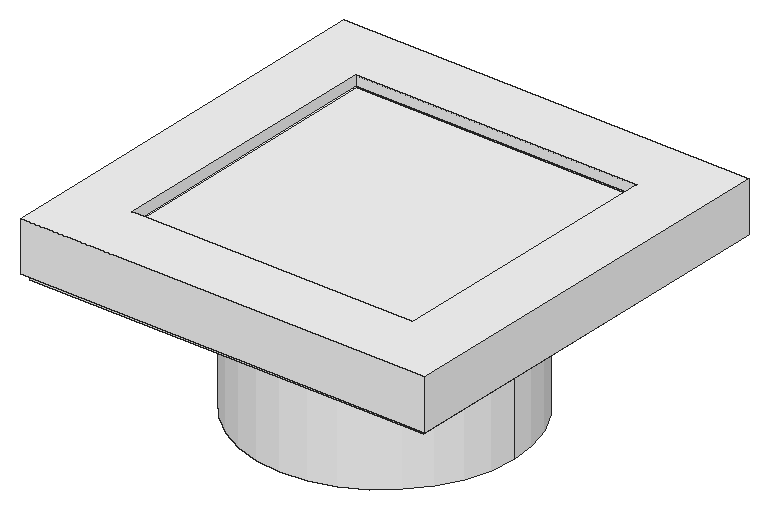
Revit family "Gira_013626", category Electrical Fixtures, host Face, Revit 2017
Family settings
  Host = Face
  Maintain Annotation Orientation = Yes
  Round Connector Dimension = Use Diameter
  Part Type = Normal
  Cut with Voids When Loaded = No
  Shared = No
  Room Calculation Point = No
Parameters (values of type "Tast-Kontroll AusWe System 55 F Alu")
  Zusammenstellung = "Basiselement mit zentraler Abdeckplatte"
  White [instance] = White
  Werkstoffgüte = "sonstige"
  Werkstoff = "sonstige"
  Waschmaschinenschalter = "No"
  URL = "http://katalog.gira.de/de_DE/datenblatt.html?artikelnr=013626"
  Textfeld/Beschriftungsfläche = "nein"
  Tastschalter = "Yes"
  Schaltungsart = "Wechselschalter"
  Rückmeldekontakt = "No"
  Region = "DE"
  Oberfläche = "sonstige"
  Nennspannung = "250 Volt"
  Name = "Tast-Kontroll AusWe System 55 F Alu"
  Montageart = "unter Putz"
  Model = "Sys55_Komplettgerät_Schalten und Tasten"
  Mit Montageplatte = "No"
  Manufacturer URL = "https://www.gira.de/"
  HeinzeBIM = "https://bimportal.heinze.de/bim/tast-kontroll-auswe-system-55-f-alu/a0f88b8bf0dd33dd4dd96b1504ea8d175e4466a9"
  Halogenfrei = "No"
  HAN = "013626"
  Geeignet für Schutzart (IP) = "IP20"
  GTIN = "4010337136262"
  Farbe = "aluminium"
  Default Elevation = 1219.2 mm
  Data sheet (1) = "https://katalog.gira.de/de_DE/download.html?artikelnr=013626"
  Category = "Installationsschalter"
  Bemessungsstrom = "10 Ampere"
  Beleuchtungsfunktion = "beleuchtet wenn eingeschaltet"
  Beleuchtungsart = "Glimmlampe"
  Beleuchtung = "ja"
  Befestigungsart = "Krallen-/Schraubbefestigung"
  Bedienungsart = "Wippe/Taste"
  Available = "Yes"
  Anzahl der Module (bei Modulbauweise) = "1 "
  Anzahl der Betätigungswippen = "1 "
  Anschlussart = "Steckklemme"
Reference planes
  plane 1 "Center (Front/Back)": y = 0
  plane 2: z = 0
  plane 3 "Center (Left/Right)": x = 0
Forms (mm)
  Extrusion 1, solid, material "White" <- "White", detail levels medium
    sketch origin (0, 0, 0) x (1, 0, 0) y (0, 1, 0)
      loop
        line (-40.4, 40.4) -> (-40.4, -40.4) -> (40.4, -40.4) -> (40.4, 40.4) -> (-40.4, 40.4)
      loop
        line (-28, 28) -> (-28, -28) -> (28, -28) -> (28, 28) -> (-28, 28)
    from 0 to 10
  Extrusion 2, solid, material "White" <- "White", detail levels fine
    sketch origin (0, 0, 0) x (1, 0, 0) y (0, 1, 0)
      loop
        line (-40.4, 40.4) -> (-40.4, -40.4) -> (40.4, -40.4) -> (40.4, 40.4) -> (-40.4, 40.4)
      loop
        line (-28, 28) -> (-28, -28) -> (28, -28) -> (28, 28) -> (-28, 28)
    from 0 to 10
  Extrusion 3, void
    sketch origin (0, 0, 0) x (1, 0, 0) y (0, 1, 0)
      loop
        line (-38.4, 38.4) -> (-38.4, -38.4) -> (38.4, -38.4) -> (38.4, 38.4) -> (-38.4, 38.4)
    from 0 to 8
  Extrusion 4, solid, material "White" <- "White", detail levels medium+fine
    sketch origin (0, 0, 0) x (1, 0, 0) y (0, 1, 0)
      loop
        line (-39.4, 39.4) -> (-39.4, -39.4) -> (39.4, -39.4) -> (39.4, 39.4) -> (-39.4, 39.4)
    from 0 to -1
  Extrusion 5, solid, material "White" <- "White", detail levels medium+fine
    sketch origin (0, 0, 0) x (1, 0, 0) y (0, 1, 0)
      loop
        line (-35.5, 35.5) -> (-35.5, -35.5) -> (35.5, -35.5) -> (35.5, 35.5) -> (-35.5, 35.5)
    from -2 to -3
  Extrusion 6, solid, material "White" <- "White", detail levels medium+fine
    sketch origin (0, 0, 0) x (1, 0, 0) y (0, 1, 0)
      loop
        circle (0, 0) r 26
    from 0 to -27.5
  Extrusion 7, solid, material "White" <- "White", detail levels coarse
    sketch origin (0, 0, 0) x (1, 0, 0) y (0, 1, 0)
      loop
        line (-40.4, 40.4) -> (-40.4, -40.4) -> (40.4, -40.4) -> (40.4, 40.4) -> (-40.4, 40.4)
    from -27.5 to 10
Cuts and joins
  Extrusion 3 cuts Extrusion 2
Dimensions and locks
  aligned and locked: plane 2 to host face
  aligned and locked: level to host face
  aligned and locked: plane 3 "Center (Left/Right)" to nested 2
  aligned and locked: plane 1 "Center (Front/Back)" to nested 2
Nested families
  nested 1: "Sys55_Abdeckung_Schalten und Tasten_floor_base" at (0, 0, 0), type "Sys55_Abdeckung_Schalten und Tasten_floor_base"
  nested 2: "Schalter" at (0, 0, 0), type "Schalter"
Connectors
  electrical at (0, 0, -27.5)
    settings: on Extrusion 6, index 1, voltage 220 V, apparent load 0 VA, apparent load phase1 0 VA, apparent load phase2 0 VA, apparent load phase3 0 VA, power factor 1, load classification "Other", number of poles 1, system type 30, power factor state 1, is connector primary yes, connector utility no, sub classification motor no, connector description ""
Definition of nested family "Sys55_Abdeckung_Schalten und Tasten_floor_base"
  Parameters
    Default Elevation = 1219.2 mm
    White [instance] = none
  Reference planes
    plane 1 "Center (Front/Back)": y = 0
    plane 2: z = 0
    plane 3 "Center (Left/Right)": x = 0
  Forms (mm)
    Extrusion 1, solid
      sketch origin (0, 0, 0) x (1, 0, 0) y (0, 1, 0)
        loop
          line (-1219.2, 1219.2) -> (-1219.2, -1219.2) -> (1219.2, -1219.2) -> (1219.2, 1219.2) -> (-1219.2, 1219.2)
      from 0 to -304.8
    Extrusion 2, solid, material <- "White", detail levels fine
      sketch origin (0, 0, 0) x (1, 0, 0) y (0, 1, 0)
        loop
          line (-27.5, 27.5) -> (-27.5, -27.5) -> (27.5, -27.5) -> (27.5, 27.5) -> (-27.5, 27.5)
      from 0 to 8
    Extrusion 3, void
      sketch origin (0, 0, 0) x (1, 0, 0) y (0, 1, 0)
        loop
          line (26, 26) -> (-26, 26) -> (-26, -26) -> (26, -26) -> (26, 26)
      from 0 to 6
    Extrusion 4, solid, material <- "White", detail levels medium
      sketch origin (0, 0, 0) x (1, 0, 0) y (0, 1, 0)
        loop
          line (-27.5, 27.5) -> (-27.5, -27.5) -> (27.5, -27.5) -> (27.5, 27.5) -> (-27.5, 27.5)
      from 0 to 8
    Extrusion 5, solid, material <- "White", detail levels medium
      sketch origin (0, 0, 0) x (1, 0, 0) y (0, 1, 0)
        loop
          line (11, -17.5) -> (11, 17.5) -> (-11, 17.5) -> (-11, -17.5) -> (11, -17.5)
      from -6 to 6
    Extrusion 6, solid, material <- "White", detail levels fine
      sketch origin (0, 0, 0) x (1, 0, 0) y (0, 1, 0)
        loop
          line (11, 17.5) -> (-11, 17.5) -> (-11, 16.5) -> (11, 16.5) -> (11, 17.5)
        loop
          line (-11, -16.5) -> (-11, -17.5) -> (11, -17.5) -> (11, -16.5) -> (-11, -16.5)
      from -4 to 6
    Extrusion 7, solid, material <- "White", detail levels fine
      sketch origin (0, 0, 0) x (1, 0, 0) y (0, 1, 0)
        loop
          arc (5, 9.347) -> (0, 10.6) -> (-5, 9.347) r 10.6
          line (-5, 9.347) -> (-5, -9.347)
          arc (-5, -9.347) -> (0, -10.6) -> (5, -9.347) r 10.6
          line (5, -9.347) -> (5, 9.347)
      from -6 to 6
    Extrusion 8, solid, material <- "White", detail levels coarse
      sketch origin (0, 0, 0) x (1, 0, 0) y (0, 1, 0)
        loop
          line (-27.5, 27.5) -> (-27.5, -27.5) -> (27.5, -27.5) -> (27.5, 27.5) -> (-27.5, 27.5)
      from -6 to 8
  Cuts and joins
    Extrusion 3 cuts Extrusion 2
  Dimensions and locks
    aligned and locked: plane 2 to Extrusion 1
    aligned and locked: level to Extrusion 1
Definition of nested family "Schalter"
  Reference planes
    plane 1: y = 0
    plane 2: x = 0
  Lines and regions (mm)
    detail lines
      curve 1: circle (1.375, 2.778, 0) r 0.8 normal (0, 0, 1)
      curve 2: line (1.021, 2.061, 0) -> (0, 0, 0)
      curve 3: line (0, 0, 0) -> (-0.538, 0.266, 0)
  Dimensions and locks
    curve 2 to curve 2 = 2.3 mm
    curve 3 to curve 2 = 0.6 mm
    radius of curve 1 = 0.8 mm
